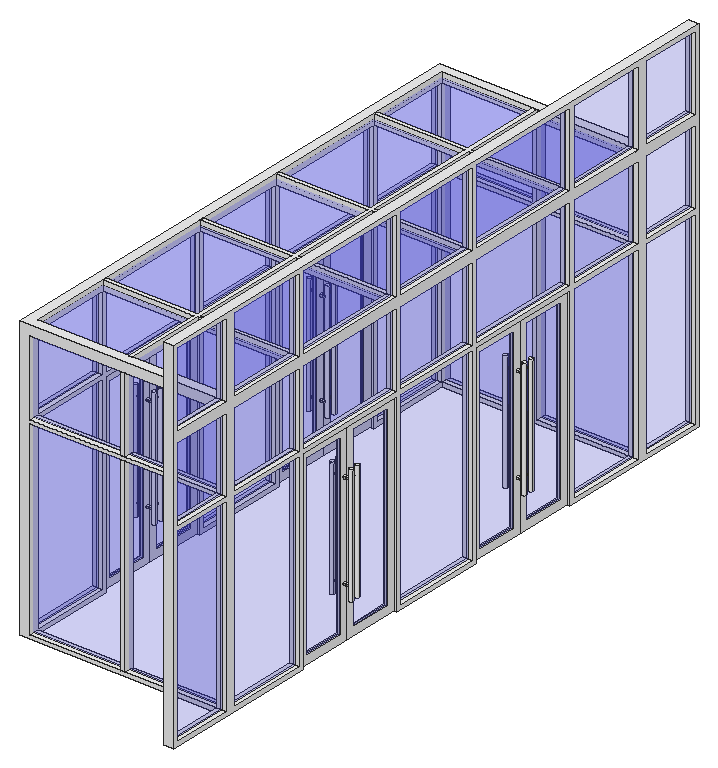
Revit family (continued)
Dimensions and locks
  plane 14 to plane 2 = 4295 mm
  plane 15 to plane 2 = 5440 mm
  plane 11 to plane 16 = 920 mm
  plane 17 to plane 36 = 920 mm
  plane 35 to plane 10 = 920 mm
  plane 51 to plane 50 to plane 49 = 1250 mm, 1250 mm
  plane 50 to plane 14 = 75 mm
  plane 13 to plane 50 = 75 mm
  cut or joined group 1 (Extrusion 1, Extrusion 2, Extrusion 3, Extrusion 4, Extrusion 33, Extrusion 34, Extrusion 63, Extrusion 64, Extrusion 65, Extrusion 66, Extrusion 67, Extrusion 97, Extrusion 98, Extrusion 128, Extrusion 129, Extrusion 130, Extrusion 131, Extrusion 134, Extrusion 135, Extrusion 136, Extrusion 139, Extrusion 140, Extrusion 141, Extrusion 142, Extrusion 143, Extrusion 144, Extrusion 148, Extrusion 149, Extrusion 150, Extrusion 151, Extrusion 152) to plane 50 = 4220 mm
  cut or joined group 1 to plane 14 = 4295 mm
  plane 6 to plane 40 = 3177.847 mm
  locked: curve 78 to curve 87 at 5
  curve 86 to curve 85 to curve 79 = 5 mm locked, 5 mm locked
  curve 77 to curve 83 to curve 84 = 5 mm locked, 5 mm locked
  curve 82 to curve 81 to curve 80 = 5 mm locked, 5 mm locked
  aligned and locked: plane 20 to Extrusion 1
  aligned and locked: plane 18 to Extrusion 1
  aligned and locked: Extrusion 34 to Extrusion 33
  aligned and locked: Extrusion 35 to Extrusion 38
  aligned and locked: Extrusion 3 to Extrusion 4
  aligned and locked: Extrusion 97 to Extrusion 98
  aligned and locked: Extrusion 99 to Extrusion 102
  aligned and locked: Extrusion 66 to Extrusion 67
  aligned and locked: Extrusion 65 to Extrusion 66
  aligned and locked: plane 46 to Extrusion 137
  aligned and locked: Extrusion 67 to plane 5
  aligned and locked: plane 15 to Extrusion 67
  aligned and locked: Extrusion 143 to plane 5
  aligned and locked: plane 15 to Extrusion 143
  aligned and locked: Extrusion 152 to plane 15
  aligned and locked: Extrusion 142 to plane 14
  aligned and locked: plane 14 to Extrusion 147
  aligned and locked: Extrusion 66 to plane 14
  aligned and locked: plane 13 to Extrusion 66
  aligned and locked: Extrusion 150 to plane 14
  aligned and locked: plane 13 to Extrusion 150
  aligned and locked: Extrusion 130 to plane 14
  aligned and locked: plane 13 to Extrusion 130
  aligned and locked: Extrusion 156 to Extrusion 67
  aligned and locked: Extrusion 156 to plane 20
  aligned and locked: plane 31 to Extrusion 157 sketch curve
  aligned and locked: Extrusion 157 sketch curve to plane 14
  aligned and locked: Extrusion 133 to Extrusion 157 sketch curve
  aligned and locked: Extrusion 157 sketch curve to cut or joined group 1
  aligned and locked: Extrusion 158 sketch curve to cut or joined group of Extrusion 156, Extrusion 157  (x7)
  aligned and locked: cut or joined group 1 to Extrusion 158 sketch curve
  aligned and locked: cut or joined group of Extrusion 156, Extrusion 157 to Extrusion 158 sketch curve  (x3)
  aligned and locked: Extrusion 158 sketch curve to cut or joined group 1
  aligned and locked: Extrusion 152 sketch curve to plane 40
  aligned and locked: Extrusion 158 to plane 28  (x2)
  aligned and locked: cut or joined group of Extrusion 156, Extrusion 157 to plane 52
  aligned and locked: cut or joined group of Extrusion 156, Extrusion 157 to curve 13
  aligned and locked: Extrusion 158 to cut or joined group of Extrusion 156, Extrusion 157  (x2)
  aligned and locked: Extrusion 38 to plane 13
  aligned and locked: Extrusion 102 to plane 13
  aligned and locked: plane 14 to Extrusion 72
  aligned and locked: plane 14 to Extrusion 103
  aligned and locked: plane 14 to Extrusion 155
  aligned and locked: Extrusion 8 to plane 13
  aligned and locked: Extrusion 71 to plane 13
  aligned and locked: Extrusion 146 to plane 13
  aligned and locked: curve 81 to cut or joined group 1
  aligned and locked: curve 85 to cut or joined group 1
  aligned and locked: curve 87 to cut or joined group 1
  aligned and locked: plane 5 to curve 83
